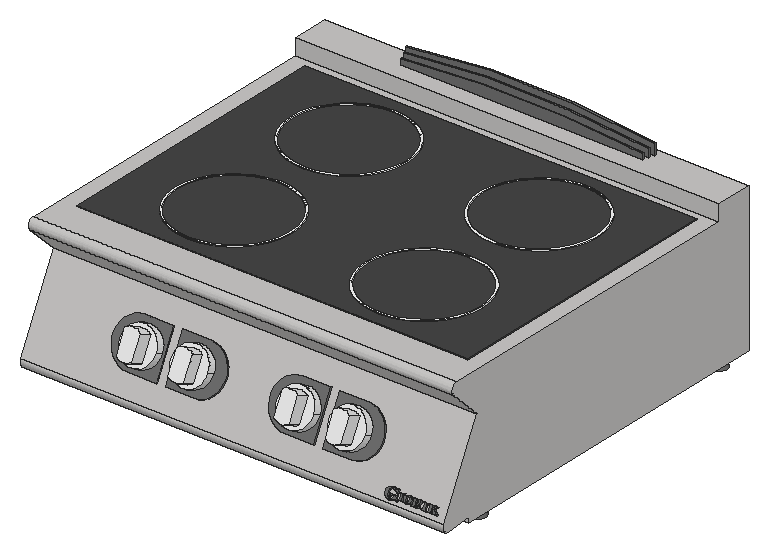
Revit family "QF_GIORIK_CI740T", category Specialty Equipment, Revit 2014
Parameters (values of type "CI740T")
  Weight in Pounds = 143.3003
  Watts = 14000 W
  Volts = 400 V
  URL Cutsheet = "www.giorik.com"
  URL = "www.giorik.com"
  Status [instance] = ""
  Specification by User [instance] = ""
  Specification by Manufacturer = ""
  Show Logo [instance] = yes
  Show Clearance [instance] = yes
  Serial Number = ""
  Seismic Rating = ""
  SMACNA No = ""
  Revision Code [instance] = ""
  Phase = 3
  Number of Poles [instance] = 3
  NAFEM Spec ID Number = ""
  Model = "CI740T"
  Min Ckt Ampacity = 0 A
  Max Overcurrent Protection = 0 A
  Masterspec = ""
  Manufacturer = "GIORIK"
  Item Number [instance] = ""
  Installed By [instance] = ""
  Identify Quantity as Lot [instance] = no
  HP = "18.774280000000"
  Furnished By [instance] = ""
  Foodservice Equipment Identifier [instance] = yes
  FL Amps = 0 A
  Electrical Remarks [instance] = ""
  Electric Connection Type [instance] = ""
  Elec Conn RI Height [instance] = 0 mm
  Elec Conn Connection Height [instance] = 20 mm
  Description = "4 ZONE INDUCTION HOB - COUNTERTOP VERSION"
  Cycle = 50 Hz
  Conn Plug = ""
  CSI MasterFormat = ""
  Assembly Code = "E1090320"
  Apparent Power = 14000 VA
Reference planes
  plane 1 "Back": y = 0
  plane 2: z = 0
  plane 3 "Left": x = 0
  plane 4 "Right": x = 800
  plane 5 "Front": y = -720
  plane 6 "Top": z = 300
Forms (mm)
  Extrusion 1, solid, visible <- "Show Logo"
    sketch origin (591.604, -736.761, 9.486) x (-1, 0, 0) y (0, 0.452718, 0.891654)
      loop
        line (-118.824, 58.358) -> (-127.804, 58.358) -> (-125.523, 56.445) -> (-125.523, 48.027) -> (-127.804, 46.113) -> (-118.824, 46.113) -> (-121.105, 48.027) -> (-121.105, 56.445) -> (-118.824, 58.358)
      loop
        line (-163.721, 58.358) -> (-172.7, 58.358) -> (-170.42, 56.445) -> (-170.42, 48.027) -> (-172.7, 46.113) -> (-163.721, 46.113) -> (-166.001, 48.027) -> (-166.001, 56.445) -> (-163.721, 58.358)
      loop
        line (-174.332, 58.358) -> (-183.312, 58.358) -> (-181.031, 56.445) -> (-181.031, 52.435) -> (-186.419, 56.955) -> (-184.416, 58.358) -> (-191.268, 58.358) -> (-188.01, 56.839) -> (-185.455, 54.283) -> (-190.846, 47.858) -> (-193.396, 46.93) -> (-193.396, 46.113) -> (-184.416, 46.113) -> (-185.437, 47.571) -> (-182.443, 51.552) -> (-181.031, 50.894) -> (-181.031, 48.027) -> (-183.312, 46.113) -> (-174.332, 46.113) -> (-176.613, 48.027) -> (-176.613, 56.445) -> (-174.332, 58.358)
      loop
        line (-115.429, 62.063) -> (-115.429, 54.198)
        arc (-115.429, 54.198) -> (-111.618, 57.803) -> (-106.847, 59.986) r 16.039
        arc (-106.847, 59.986) -> (-103.314, 59.837) -> (-100.512, 57.68) r 5.851
        arc (-100.512, 57.68) -> (-98.815, 52.267) -> (-100.512, 46.853) r 9.479
        arc (-100.512, 46.853) -> (-102.406, 44.986) -> (-104.846, 43.93) r 7.236
        arc (-104.846, 43.93) -> (-107.728, 44.111) -> (-110.052, 45.825) r 5.11
        line (-110.052, 45.825) -> (-110.052, 52.001) -> (-116.141, 52.001) -> (-116.141, 45.503) -> (-117.893, 43.751) -> (-114.094, 44.769)
        arc (-114.094, 44.769) -> (-112.56, 44.947) -> (-111.129, 44.366) r 3.115
        arc (-111.129, 44.366) -> (-104.216, 42.091) -> (-97.303, 44.366) r 11.641
        arc (-97.303, 44.366) -> (-93.396, 52.107) -> (-97.303, 59.849) r 9.622
        arc (-97.303, 59.849) -> (-104.369, 62.174) -> (-111.435, 59.849) r 11.898
        line (-111.435, 59.849) -> (-115.429, 62.063)
      loop
        arc (-129.234, 56.068) -> (-135.893, 58.628) -> (-142.552, 56.068) r 9.941
        arc (-142.552, 56.068) -> (-144.234, 52.286) -> (-142.552, 48.505) r 5.093
        arc (-142.552, 48.505) -> (-135.893, 45.945) -> (-129.234, 48.505) r 9.941
        arc (-129.234, 48.505) -> (-127.552, 52.286) -> (-129.234, 56.068) r 5.093
      loop
        arc (-132.628, 54.403) -> (-135.893, 57.668) -> (-139.158, 54.403) r 3.265
        line (-139.158, 54.403) -> (-139.158, 50.169)
        arc (-139.158, 50.169) -> (-135.893, 46.904) -> (-132.628, 50.169) r 3.265
        line (-132.628, 50.169) -> (-132.628, 54.403)
      loop
        arc (-156.363, 58.365) -> (-159.647, 55.081) -> (-156.363, 51.796) r 3.285
        line (-156.363, 51.796) -> (-159.529, 47.306) -> (-162.087, 46.113) -> (-155.847, 46.113) -> (-153.529, 51.083) -> (-150.637, 51.083) -> (-150.637, 47.784) -> (-153.022, 46.113) -> (-144.011, 46.113) -> (-146.094, 47.68) -> (-146.094, 56.493) -> (-144.229, 58.365) -> (-156.363, 58.365)
      loop
        line (-150.637, 57.512) -> (-153.637, 57.512)
        arc (-153.637, 57.512) -> (-156.237, 54.912) -> (-153.637, 52.312) r 2.6
        line (-153.637, 52.312) -> (-150.637, 52.312) -> (-150.637, 57.512)
      loop
        line (-108.924, 52.001) -> (-104.936, 49.005) -> (-100.948, 52.001) -> (-108.924, 52.001)
    from 1.5 to -0.5
  Extrusion 2, solid
    sketch origin (0, 1000, -620) x (0, 1, 0) y (0, 0, 1)
      loop
        line (-1000, 919.988) -> (-1070, 919.988) -> (-1070, 889.988) -> (-1688.806, 889.988)
        arc (-1688.806, 889.988) -> (-1699.151, 883.075) -> (-1696.724, 870.873) r 11.197
        line (-1696.724, 870.873) -> (-1640.876, 815.025) -> (-1718.948, 661.258)
        arc (-1718.948, 661.258) -> (-1718.233, 650.105) -> (-1708.118, 645.354) r 10.981
        line (-1708.118, 645.354) -> (-1660, 649.925) -> (-1660, 640) -> (-1000, 640) -> (-1000, 919.988)
    from 0 to 800
  Extrusion 3, solid
    sketch origin (-220.755, -963.345, -547.637) x (1, 0, 0) y (0, 0.452718, 0.891654)
      loop
        line (463.221, 676.25) -> (463.221, 766.25) -> (409.698, 766.25)
        arc (409.698, 766.25) -> (364.698, 721.25) -> (409.698, 676.25) r 45
        line (409.698, 676.25) -> (463.221, 676.25)
    from 48 to 50
  Extrusion 4, solid
    sketch origin (553.797, -1008.697, -525.041) x (-1, 0, 0) y (0, -0.45351, -0.891251)
      loop
        circle (351.331, -721.346) r 35
    from 0 to 15
  Extrusion 5, solid
    sketch origin (553.797, -1008.697, -525.041) x (-1, 0, 0) y (0, -0.45351, -0.891251)
      loop
        arc (336.331, -743.846) -> (351.331, -748.846) -> (366.331, -743.846) r 25
        line (366.331, -743.846) -> (366.331, -698.846)
        arc (366.331, -698.846) -> (351.331, -693.846) -> (336.331, -698.846) r 25
        line (336.331, -698.846) -> (336.331, -743.846)
    from 15 to 40
  Extrusion 6, solid
    sketch origin (723.221, -963.345, -547.637) x (-1, 0, 0) y (0, -0.452718, -0.891654)
      loop
        line (463.221, -676.25) -> (409.698, -676.25)
        arc (409.698, -676.25) -> (364.698, -721.25) -> (409.698, -766.25) r 45
        line (409.698, -766.25) -> (463.221, -766.25) -> (463.221, -676.25)
    from 48 to 50
  Extrusion 7, solid
    sketch origin (-51.331, -1008.697, -525.041) x (1, 0, 0) y (0, 0.45351, 0.891251)
      loop
        circle (351.331, 721.346) r 35
    from 0 to 15
  Extrusion 8, solid
    sketch origin (-51.331, -1008.697, -525.041) x (1, 0, 0) y (0, 0.45351, 0.891251)
      loop
        line (336.331, 743.846) -> (336.331, 698.846)
        arc (336.331, 698.846) -> (351.331, 693.846) -> (366.331, 698.846) r 25
        line (366.331, 698.846) -> (366.331, 743.846)
        arc (366.331, 743.846) -> (351.331, 748.846) -> (336.331, 743.846) r 25
    from 15 to 40
  Extrusion 9, solid
    sketch origin (76.779, -963.345, -547.637) x (1, 0, 0) y (0, 0.452718, 0.891654)
      loop
        line (463.221, 676.25) -> (463.221, 766.25) -> (409.698, 766.25)
        arc (409.698, 766.25) -> (364.698, 721.25) -> (409.698, 676.25) r 45
        line (409.698, 676.25) -> (463.221, 676.25)
    from 48 to 50
  Extrusion 10, solid
    sketch origin (851.331, -1008.697, -525.041) x (-1, 0, 0) y (0, -0.45351, -0.891251)
      loop
        circle (351.331, -721.346) r 35
    from 0 to 15
  Extrusion 11, solid
    sketch origin (851.331, -1008.697, -525.041) x (-1, 0, 0) y (0, -0.45351, -0.891251)
      loop
        arc (336.331, -743.846) -> (351.331, -748.846) -> (366.331, -743.846) r 25
        line (366.331, -743.846) -> (366.331, -698.846)
        arc (366.331, -698.846) -> (351.331, -693.846) -> (336.331, -698.846) r 25
        line (336.331, -698.846) -> (336.331, -743.846)
    from 15 to 40
  Extrusion 12, solid
    sketch origin (1020.755, -963.345, -547.637) x (-1, 0, 0) y (0, -0.452718, -0.891654)
      loop
        line (463.221, -676.25) -> (409.698, -676.25)
        arc (409.698, -676.25) -> (364.698, -721.25) -> (409.698, -766.25) r 45
        line (409.698, -766.25) -> (463.221, -766.25) -> (463.221, -676.25)
    from 48 to 50
  Extrusion 13, solid
    sketch origin (246.203, -1008.697, -525.041) x (1, 0, 0) y (0, 0.45351, 0.891251)
      loop
        circle (351.331, 721.346) r 35
    from 0 to 15
  Extrusion 14, solid
    sketch origin (246.203, -1008.697, -525.041) x (1, 0, 0) y (0, 0.45351, 0.891251)
      loop
        line (336.331, 743.846) -> (336.331, 698.846)
        arc (336.331, 698.846) -> (351.331, 693.846) -> (366.331, 698.846) r 25
        line (366.331, 698.846) -> (366.331, 743.846)
        arc (366.331, 743.846) -> (351.331, 748.846) -> (336.331, 743.846) r 25
    from 15 to 40
  Extrusion 15, solid
    sketch origin (36.031, 0, -610.002) x (1, 0, 0) y (0, 0, 1)
      loop
        line (135, 909.989) -> (592.969, 909.989) -> (592.969, 919.989) -> (440.969, 929.989) -> (287, 929.989) -> (135, 919.989) -> (135, 909.989)
    from 32 to 35
  Extrusion 16, solid
    sketch origin (38, 10, -610.002) x (1, 0, 0) y (0, 0, 1)
      loop
        line (594, 909.989) -> (594, 924.989) -> (440, 937.489) -> (284, 937.489) -> (130, 925.001) -> (130, 909.989) -> (594, 909.989)
    from 32 to 35
  Extrusion 17, solid
    sketch origin (40, 20, -610.002) x (1, 0, 0) y (0, 0, 1)
      loop
        line (595, 909.989) -> (595, 930.001) -> (439, 945.258) -> (281, 945.258) -> (125, 929.989) -> (125, 909.989) -> (595, 909.989)
    from 32 to 35
  Extrusion 18, solid
    sketch origin (0.216, 0.239, 221) x (0, 1, 0) y (-1, 0, 0)
      loop
        line (-625, -30) -> (-625, -769.568) -> (-85, -769.568) -> (-85, -30) -> (-625, -30)
    from 48 to 50
  Extrusion 19, solid
    sketch origin (30.216, -722.261, 248.488) x (0, -1, 0) y (1, 0, 0)
      loop
        circle (-231.5, 189.999) r 110
      loop
        circle (-231.5, 189.999) r 106.5
    from 23 to 20.512
  Extrusion 20, solid
    sketch origin (30.216, -450.261, 248.488) x (0, -1, 0) y (1, 0, 0)
      loop
        circle (-231.5, 189.999) r 110
      loop
        circle (-231.5, 189.999) r 106.5
    from 23 to 20.512
  Extrusion 21, solid
    sketch origin (769.784, -722.261, 248.488) x (0, -1, 0) y (1, 0, 0)
      loop
        circle (-231.5, -189.999) r 110
      loop
        circle (-231.5, -189.999) r 106.5
    from 23 to 20.512
  Extrusion 22, solid
    sketch origin (769.784, -450.261, 248.488) x (0, -1, 0) y (1, 0, 0)
      loop
        circle (-231.5, -189.999) r 110
      loop
        circle (-231.5, -189.999) r 106.5
    from 23 to 20.512
  Extrusion 23, solid
    sketch origin (-4, 0, 0) x (1, 0, 0) y (0, 1, 0)
      loop
        circle (54, -385) r 12.5
    from 5 to 20
  Extrusion 24, solid
    sketch origin (543.603, 45.293, -30) x (0, 1, 0) y (-1, 0, 0)
      loop
        circle (-79.293, 516.603) r 5
    from 41.965 to 50
  Revolve 25, solid
    sketch origin (27, 49.943, -600) x (0, 1, 0) y (0, 0, 1)
      loop
        line (-83.943, 611.965) -> (-94.752, 611.965) -> (-97.943, 600) -> (-83.943, 600) -> (-83.943, 611.965)
      axis (-83.943, 611.965) -> (-83.943, 600)
    angle from 0 to 360
  Extrusion 26, solid
    sketch origin (543.603, -524.707, -30) x (0, 1, 0) y (-1, 0, 0)
      loop
        circle (-79.293, 516.603) r 5
    from 41.965 to 50
  Revolve 27, solid
    sketch origin (27, -520.057, -600) x (0, 1, 0) y (0, 0, 1)
      loop
        line (-83.943, 611.965) -> (-94.752, 611.965) -> (-97.943, 600) -> (-83.943, 600) -> (-83.943, 611.965)
      axis (-83.943, 611.965) -> (-83.943, 600)
    angle from 0 to 360
  Extrusion 28, solid
    sketch origin (256.397, 45.293, -30) x (0, 1, 0) y (-1, 0, 0)
      loop
        circle (-79.293, -516.603) r 5
    from 41.965 to 50
  Revolve 29, solid
    sketch origin (773, 49.943, -600) x (0, 1, 0) y (0, 0, -1)
      loop
        line (-83.943, -611.965) -> (-83.943, -600) -> (-97.943, -600) -> (-94.752, -611.965) -> (-83.943, -611.965)
      axis (-83.943, -611.965) -> (-83.943, -600)
    angle from 0 to 360
  Extrusion 30, solid
    sketch origin (256.397, -524.707, -30) x (0, 1, 0) y (-1, 0, 0)
      loop
        circle (-79.293, -516.603) r 5
    from 41.965 to 50
  Revolve 31, solid
    sketch origin (773, -520.057, -600) x (0, 1, 0) y (0, 0, -1)
      loop
        line (-83.943, -611.965) -> (-83.943, -600) -> (-97.943, -600) -> (-94.752, -611.965) -> (-83.943, -611.965)
      axis (-83.943, -611.965) -> (-83.943, -600)
    angle from 0 to 360
Lines and regions (mm)
  symbolic lines, style "200-EquipBorder-2D"
    curve 1: line (0, -720, 0) -> (800, -720, 0)
    curve 2: line (800, -720, 0) -> (800, 0, 0)
    curve 3: line (800, 0, 0) -> (0, 0, 0)
    curve 4: line (0, 0, 0) -> (0, -720, 0)
  symbolic lines, style "200-EquipInternal-2D"
    curve 5: line (0, -70, 300) -> (800, -70, 300)
    curve 6: line (165, -12, 900) -> (635, -12, 900)
    curve 7: line (635, -12, 900) -> (635, -15, 900)
    curve 8: line (635, -15, 900) -> (165, -15, 900)
    curve 9: line (165, -15, 900) -> (165, -12, 900)
    curve 10: line (168, -22, 900) -> (632, -22, 900)
    curve 11: line (632, -22, 900) -> (632, -25, 900)
    curve 12: line (632, -25, 900) -> (168, -25, 900)
    curve 13: line (168, -25, 900) -> (168, -22, 900)
    curve 14: line (171.031, -32, 900) -> (629, -32, 900)
    curve 15: line (629, -32, 900) -> (629, -35, 900)
    curve 16: line (629, -35, 900) -> (171.031, -35, 900)
    curve 17: line (171.031, -35, 900) -> (171.031, -32, 900)
    curve 18: line (769.784, -84.761, 900) -> (30.216, -84.761, 900)
    curve 19: line (30.216, -84.761, 900) -> (30.216, -624.761, 900)
    curve 20: line (30.216, -624.761, 900) -> (769.784, -624.761, 900)
    curve 21: circle (220.215, -218.761, 900) r 110 normal (0, 0, 1)
    curve 22: circle (220.215, -218.761, 900) r 106.5 normal (0, 0, 1)
    curve 23: circle (220.215, -490.761, 900) r 110 normal (0, 0, 1)
    curve 24: circle (220.215, -490.761, 900) r 106.5 normal (0, 0, 1)
    curve 25: line (769.784, -84.761, 900) -> (769.784, -624.761, 900)
    curve 26: circle (579.785, -218.761, 900) r 110 normal (0, 0, -1)
    curve 27: circle (579.785, -218.761, 900) r 106.5 normal (0, 0, -1)
    curve 28: circle (579.785, -490.761, 900) r 110 normal (0, 0, -1)
    curve 29: circle (579.785, -490.761, 900) r 106.5 normal (0, 0, -1)
Dimensions and locks
  plane 3 "Left" to plane 4 "Right" = 800 mm
  plane 5 "Front" to plane 1 "Back" = 720 mm
  plane 4 "Right" to plane 3 "Left" = 800 mm
  plane 1 "Back" to plane 5 "Front" = 720 mm
  plane 6 "Top" to level = 300 mm  (x2)
  aligned and locked: level to plane 2
Connectors
  electrical at (50, -385, 5), driven by "Apparent Power", driven by "Volts", driven by "Number of Poles"
    settings: on Extrusion 23, index 5, voltage 400 V, apparent load 0 VA, apparent load phase1 14000 VA, apparent load phase2 0 VA, apparent load phase3 0 VA, power factor 1, load classification "Other", number of poles 3, system type 31, power factor state 1, is connector primary yes, connector utility no, sub classification motor no, connector description "Electrical connection"
